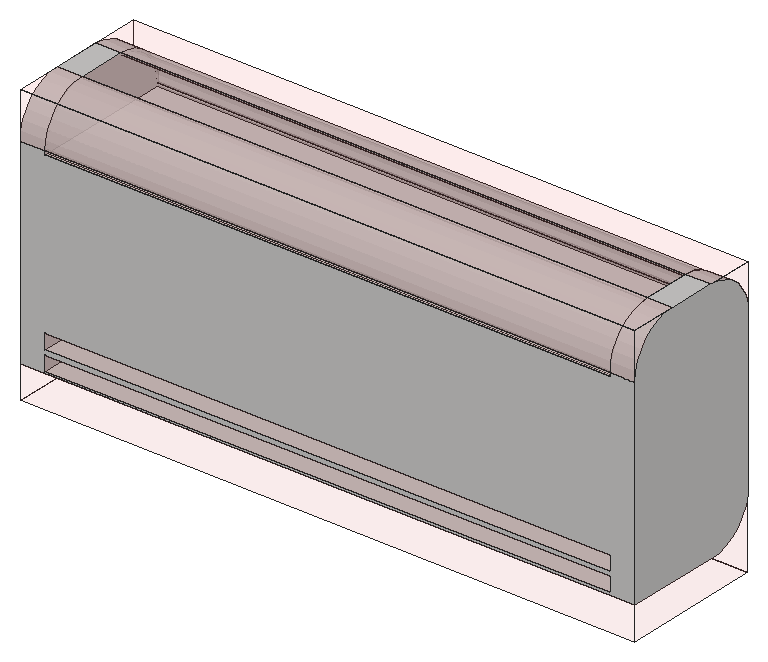
Revit family "Air-Curtain_Climate-Control_PoweredAire_EVE-Unheated", category Mechanical Equipment, host Face, Revit 2018
Family settings
  Host = Face
  Round Connector Dimension = Use Diameter
  Part Type = Normal
  OmniClass Number = 23.75.35.17.21
  OmniClass Title = Air Curtains
  Cut with Voids When Loaded = No
  Shared = No
  Room Calculation Point = No
Parameters
  Warranty Duration (Years) = 0
  Unit Width Notes = "Other Widths available."  # constant formula
  Unit Width = 3' - 1"
  Unit Weight = 59
  Unit Height = 0' - 8 1/2"  # constant formula
  Unit Depth = 1' - 2 205/256"  # constant formula
  URL = "http://www.poweredaire.com/"
  Test Data = ""
  Temperature Rise_Range = "27"
  Standards Conformance = "ETL  ;  Made in USA"
  Specification = "http://www.arcat.com/sdspecs/htm04/23_34_33pai.htm"
  SpecWizard = ""
  Sound Pressure = "53 dBA"
  Sales Information = "https://poweredaire.com/contact"
  Revision = ""
  Projection from Host [instance] = 0' - 2"
  Product Properties = ""
  Product Data = "http://www.arcat.com/arcatcos/cos47/arc47623.html"
  Power Rating = 0 W
  Outlet Volume_Range = "961 CFM"
  Outlet Velocity_Range = "1316 FPM"
  Nozzle Width = 2' - 11"
  Mounting Width = Unit Width - 0' 1"  # 3' - 0"
  Mounting Height [instance] = 3' - 6"
  Motor RPM = 1075
  Motor HP = 0.2
  Motor Count = 1
  Model = "EVE-1-36E"
  Max Height = 12' - 0"
  Manufacturer Website = "http://www.poweredaire.com/"
  Manufacturer Phone - Toll Free = "888-321-2473"
  Manufacturer Phone = "724-588-3305"
  Manufacturer Fax = "724-588-3371"
  Manufacturer Address = "109 Mortensen Rd.  Greenville, PA 16125"
  Manufacturer = "Powered Aire, Inc"
  Maintenance Schedule (Months) = 0
  Keynote = "23 34 33"
  Installation-Fabrication = ""
  Installation Phase = ""
  Include Clearance [instance] = yes
  Heating Element Load = 0 W
  HVAC_Temperature Rise [instance] = 0 °F
  HVAC_Outlet Volume [instance] = 0 CFM
  HVAC_Outlet Velocity Uniformity = 0.87
  HVAC_Outlet Velocity [instance] = 0 FPM
  Green Building-LEED = "http://www.arcat.com/green/clients/leed_data_47623.html"
  Front Grating Material [instance] = Metal - Steel - PoweredAire - Stainless 304 Perforated
  Frame Finish [instance] = Metal - Steel - PoweredAire - Stainless 304
  Expected Lifespan (Years) = 0
  Electrical_Wattage [instance] = Power Rating + Heating Element Load  # 0 W
  Electrical_Voltage [instance] = 0 V
  Electrical_Phase [instance] = 2
  Electrical_Frequency [instance] = 0 Hz
  Electrical_Amperage [instance] = 0 A
  Drawn By = ""
  Description = "Powered Aire Electrically Heated Climate Control Air Curtain - EVE-1-36E as Specified"
  Default Elevation = 0' - 0"  # constant formula
  Copyright = "©Arcat Inc."
  Construction Details = "http://www.arcat.com/details/powair/prod3336.html"
  Clearance_Top [instance] = 0' - 0"
  Clearance_Side B [instance] = 0' - 0"
  Clearance_Side A [instance] = 0' - 0"
  Clearance_Intake [instance] = 0' - 0"
  Clearance_Bottom [instance] = 0' - 0"
  Clearance Material [instance] = ARCAT Clearance
  Building Codes = ""
  Available Options [instance] = "as Specified"
  Assembly Code = "D3090400"
Reference planes (in)
  plane 1 "Center (Elevation)": y = 0.13818
  plane 2: z = 0
  plane 3 "Center (Left/Right)": x = 0
  plane 4: y = 4.38818
  plane 5: y = -4.11182
  plane 6: x = -18.5
  plane 7: x = 18.5
  plane 8: z = 16.80078
  plane 9 "FF": y = -41.86182
  plane 10: z = 2
  plane 11: x = 17
  plane 12: x = -17
  plane 13 "CL-3": y = 4.38818
  plane 14 "CL-2": y = -4.11182
  plane 15: x = -18.5
  plane 16: x = 18.5
  plane 17 "CL-1": z = 16.80078
  plane 18: z = 13.80078
Forms (in)
  Extrusion 1, solid, material "Metal - Steel - PoweredAire - Stainless 304" <- "Frame Finish"
    sketch origin (0, 0, 0) x (0, 1, 0) y (0, 0, 1)
      loop
        line (-4.11182, 14) -> (-4.11182, 2) -> (1.58818, 2)
        arc (1.58818, 2) -> (3.56808, 2.8201) -> (4.38818, 4.8) r 2.8
        line (4.38818, 4.8) -> (4.38818, 14)
        arc (4.38818, 14) -> (3.56808, 15.9799) -> (1.58818, 16.8) r 2.8
        line (1.58818, 16.8) -> (-1.31182, 16.80078)
        arc (-1.31182, 16.80078) -> (-3.29172, 15.9799) -> (-4.11182, 14) r 2.8
    from 17 to 18.5
  Extrusion 2, solid, material "Metal - Steel - PoweredAire - Stainless 304 Perforated" <- "Front Grating Material"
    sketch origin (0, 0, 0) x (0, 1, 0) y (0, 0, 1)
      loop
        arc (-1.31182, 16.8) -> (-3.29172, 15.9799) -> (-4.11182, 14) r 2.8
        line (-4.11182, 14) -> (-4.11182, 13.80078) -> (-3.98682, 13.80078) -> (-3.98682, 14)
        arc (-3.98682, 14) -> (-3.20333, 15.89151) -> (-1.31182, 16.675) r 2.675
        line (-1.31182, 16.675) -> (1.58818, 16.67578)
        arc (1.58818, 16.67578) -> (3.47969, 15.89151) -> (4.26318, 14) r 2.675
        line (4.26318, 14) -> (4.26318, 13.80078) -> (4.38818, 13.80078) -> (4.38818, 14)
        arc (4.38818, 14) -> (3.56808, 15.9799) -> (1.58818, 16.8) r 2.8
        line (1.58818, 16.8) -> (-1.31182, 16.8)
    from -17 to 17
  Extrusion 3, solid, material "ARCAT Clearance" <- "Clearance Material", visible <- "Include Clearance"
    sketch origin (0, 0, 0) x (0, 1, 0) y (0, 0, 1)
      loop
        line (-4.11182, 16.80078) -> (-4.11182, 0) -> (4.38818, 0) -> (4.38818, 16.80078) -> (-4.11182, 16.80078)
    from -18.5 to 18.5
  Extrusion 4, solid, material "Metal - Steel - PoweredAire - Stainless 304" <- "Frame Finish"
    sketch origin (0, 0, 0) x (0, 1, 0) y (0, 0, 1)
      loop
        line (-4.11182, 14) -> (-4.11182, 2) -> (1.58818, 2)
        arc (1.58818, 2) -> (3.56808, 2.8201) -> (4.38818, 4.8) r 2.8
        line (4.38818, 4.8) -> (4.38818, 14)
        arc (4.38818, 14) -> (3.56808, 15.9799) -> (1.58818, 16.8) r 2.8
        line (1.58818, 16.8) -> (-1.31182, 16.80078)
        arc (-1.31182, 16.80078) -> (-3.29172, 15.9799) -> (-4.11182, 14) r 2.8
    from -18.5 to -17
  Extrusion 5, solid, material "Metal - Steel - PoweredAire - Stainless 304" <- "Frame Finish"
    sketch origin (0, 0, 0) x (0, 1, 0) y (0, 0, 1)
      loop
        line (-4.11182, 13.80078) -> (-4.11182, 4.2) -> (-1.86182, 4.2) -> (-1.86182, 3.2875) -> (-4.11182, 3.2875) -> (-4.11182, 3.0375) -> (-1.86182, 3.0375) -> (-1.86182, 2.125) -> (-4.11182, 2.125) -> (-4.11182, 2) -> (1.58818, 2)
        arc (1.58818, 2) -> (3.56808, 2.8201) -> (4.38818, 4.8) r 2.8
        line (4.38818, 4.8) -> (4.38818, 13.80078) -> (-4.11182, 13.80078)
    from -17 to 17
Cuts and joins
  joined: Extrusion 1, Extrusion 4, Extrusion 5
Dimensions and locks (in)
  equal spacing: plane 4, plane 1 "Center (Elevation)", plane 5
  "Unit Height": plane 4 to plane 5
  equal spacing: plane 6, plane 3 "Center (Left/Right)", plane 7
  "Unit Width": plane 6 to plane 7
  "Mounting Height": plane 1 "Center (Elevation)" to plane 9 "FF"
  "Projection from Host": plane 10 to level
  "Unit Depth": plane 8 to plane 10
  locked: plane 6 to plane 12 at 1.5
  locked: plane 11 to plane 7 at 1.5
  "Clearance_Side A": plane 7 to plane 16
  "Clearance_Side B": plane 15 to plane 6
  "Clearance_Top": plane 13 "CL-3" to plane 4
  "Clearance_Bottom": plane 5 to plane 14 "CL-2"
  "Clearance_Intake": plane 17 "CL-1" to plane 8
  locked: plane 8 to plane 18 at 3
  locked: Extrusion 2 sketch curve to plane 18 at 0.19922  (x2)
  locked: Extrusion 1 sketch curve to plane 18 at 0.19922  (x2)
  locked: Extrusion 4 sketch curve to plane 18 at 0.19922  (x2)
  locked: plane 5 to Extrusion 5 sketch curve at 2.25
  Extrusion 5 sketch curve to Extrusion 5 sketch curve to Extrusion 5 sketch curve to Extrusion 5 sketch curve to plane 10 = 0' - 0.9125" locked, 0' - 0 1/4" locked, 0' - 0.9125" locked, 0' - 0 1/8" locked
  locked: plane 8 to Extrusion 2 sketch curve at 0.125
  aligned and locked: plane 2 to host face
  aligned and locked: level to host face
  aligned and locked: plane 7 to Extrusion 1
  aligned and locked: Extrusion 1 to plane 11
  aligned and locked: plane 11 to Extrusion 2
  aligned and locked: Extrusion 2 to plane 12
  aligned and locked: Extrusion 3 sketch curve to plane 17 "CL-1"
  aligned and locked: plane 14 "CL-2" to Extrusion 3 sketch curve
  aligned and locked: level to Extrusion 3 sketch curve
  aligned and locked: Extrusion 3 sketch curve to plane 13 "CL-3"
  aligned and locked: plane 16 to Extrusion 3
  aligned and locked: Extrusion 3 to plane 15
  aligned and locked: plane 12 to Extrusion 4
  aligned and locked: Extrusion 4 to plane 6
  aligned and locked: Extrusion 2 sketch curve to plane 18  (x2)
  aligned and locked: Extrusion 4 sketch curve to plane 10
  aligned and locked: Extrusion 1 sketch curve to plane 10
  aligned and locked: Extrusion 5 sketch curve to plane 18
  aligned and locked: Extrusion 5 sketch curve to plane 10
  aligned and locked: Extrusion 5 to plane 12
  aligned and locked: plane 11 to Extrusion 5
  aligned and locked: plane 8 to Extrusion 1 sketch curve
  aligned and locked: plane 8 to Extrusion 4 sketch curve
  aligned and locked: plane 8 to Extrusion 2 sketch curve
  aligned and locked: Extrusion 5 sketch curve to plane 5  (x2)
  aligned and locked: plane 5 to Extrusion 5 sketch curve
  aligned and locked: plane 4 to Extrusion 1 sketch curve
  aligned and locked: plane 4 to Extrusion 2 sketch curve
  aligned and locked: Extrusion 5 sketch curve to plane 4
Automatic sketch dimensions
  host sketch curve to host sketch curve = 8' - 0"  (x2)
  plane 5 to Extrusion 1 sketch curve = 0' - 2.8"
  plane 1 "Center (Elevation)" to Extrusion 1 sketch curve = 0' - 1.45"
  Extrusion 1 sketch curve to plane 1 "Center (Elevation)" = 0' - 1.45"  (x2)
  Extrusion 1 sketch curve to Extrusion 1 sketch curve = 0' - 0"
  Extrusion 1 sketch curve to plane 5 = 0' - 0"
  Extrusion 4 sketch curve to plane 5 = 0' - 0"
  Extrusion 4 sketch curve to plane 4 = 0' - 0"
  plane 1 "Center (Elevation)" to Extrusion 4 sketch curve = 0' - 1.45"
  Extrusion 4 sketch curve to plane 1 "Center (Elevation)" = 0' - 1.45"  (x2)
  Extrusion 4 sketch curve to Extrusion 4 sketch curve = 0' - 0"  (x2)
  Extrusion 2 sketch curve to plane 4 = 0' - 2.8"
  Extrusion 2 sketch curve to plane 1 "Center (Elevation)" = 0' - 1.45"
  Extrusion 2 sketch curve to Extrusion 2 sketch curve = 0' - 0"  (x6)
  plane 5 to Extrusion 2 sketch curve = 0' - 0 1/8"
  Extrusion 2 sketch curve to plane 4 = 0' - 0 1/8"
  plane 5 to Extrusion 2 sketch curve = 0' - 2.8"
  Extrusion 2 sketch curve to plane 5 = 0' - 0"
  Extrusion 5 sketch curve to Extrusion 5 sketch curve = 0' - 0"
  Extrusion 5 sketch curve to plane 1 "Center (Elevation)" = 0' - 1.45"
  Extrusion 2 sketch curve to Extrusion 2 sketch curve = 0' - 0.00078"
Connectors (in)
  electrical at (-18.5, 0.34532, 10.05725), driven by "Electrical_Voltage", driven by "Electrical_Phase"
    settings: on cut or joined group of Extrusion 1, Extrusion 4, Extrusion 5, index 1, voltage 0 V, apparent load 0 VA, apparent load phase1 0 VA, apparent load phase2 0 VA, apparent load phase3 0 VA, power factor 1, load classification "Other", number of poles 2, system type 31, power factor state 1, is connector primary yes, connector utility no, sub classification motor no, connector description "Power Connector"
